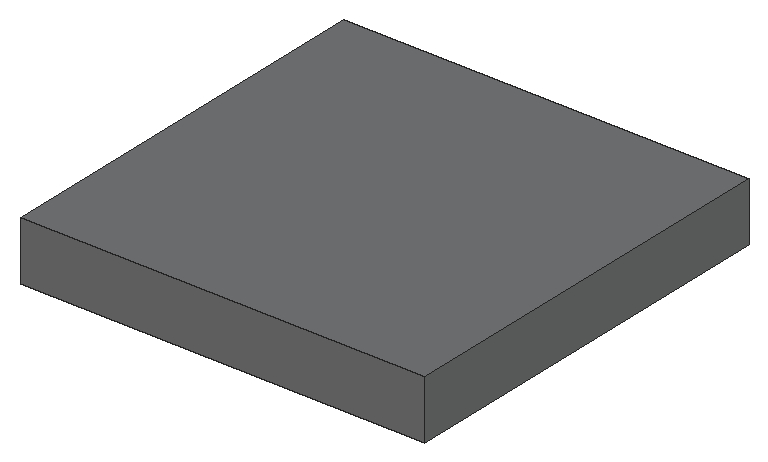
Revit family "Gira_029426", category Electrical Fixtures, host Face, Revit 2017
Family settings
  Host = Face
  Maintain Annotation Orientation = No
  Round Connector Dimension = Use Diameter
  Part Type = Normal
  Cut with Voids When Loaded = No
  Shared = No
  Room Calculation Point = No
Parameters (values of type "Rocker 2-g arrow sym. System 55 c.alum.")
  With exchangeable lens/symbol = "No"
  URL = "http://katalog.gira.de/en/datenblatt.html?artikelnr=029426"
  Suitable for touch sensor connector for bus system = "No"
  Scannable symbol / barrier free = "No"
  Name = "Rocker 2-g arrow sym. System 55 c.alum."
  Monitoring window/light outlet = "No"
  Model = "Two-part rocker"
  Manufacturer URL = "https://www.gira.de/"
  Manufacturer = "Gira"
  Keynote = ""
  HeinzeBIM = "https://bimportal.heinze.de/bim/rocker-2-g-arrow-sym-system-55-c-alum-/8e6146b40889c6825ba51ee2e2f30c12e2ae2c5c"
  HAN = "029426"
  GTIN = "4010337294269"
  Description = "Rock.2g arrow sym. Sys55 CAl,Rocker, 2-gang with arrow symbol,,colour aluminium,"
  Default Elevation = 1219.2 mm
  Data sheet (1) = "https://katalog.gira.de/en/download.html?artikelnr=029426"
  Category = "Control element/cover plate for domestic switching devices"
  BIM (1) = "https://media.stage.bim.site/public/gira/36a6b08/Sys55_Abdeckung_Schalten und Tasten.rfa?public/gira/36a6b08/Sys55_Abdeckung_Schalten und Tasten.rfa"
  Available = "No"
  Anthrazit [instance] = Anthrazit
Reference planes
  plane 1 "Center (Front/Back)": y = 0
  plane 2: z = 0
  plane 3 "Center (Left/Right)": x = 0
Forms (mm)
  Extrusion 1, solid, material "Anthrazit" <- "Anthrazit", detail levels fine
    sketch origin (0, 0, 0) x (1, 0, 0) y (0, 1, 0)
      loop
        line (-27.5, 27.5) -> (-27.5, -27.5) -> (27.5, -27.5) -> (27.5, 27.5) -> (-27.5, 27.5)
    from 0 to 8
  Extrusion 2, void
    sketch origin (0, 0, 0) x (1, 0, 0) y (0, 1, 0)
      loop
        line (26, 26) -> (-26, 26) -> (-26, -26) -> (26, -26) -> (26, 26)
    from 0 to 6
  Extrusion 3, solid, material "Anthrazit" <- "Anthrazit", detail levels medium
    sketch origin (0, 0, 0) x (1, 0, 0) y (0, 1, 0)
      loop
        line (-27.5, 27.5) -> (-27.5, -27.5) -> (27.5, -27.5) -> (27.5, 27.5) -> (-27.5, 27.5)
    from 0 to 8
  Extrusion 4, solid, material "Anthrazit" <- "Anthrazit", detail levels medium
    sketch origin (0, 0, 0) x (1, 0, 0) y (0, 1, 0)
      loop
        line (11, -17.5) -> (11, 17.5) -> (-11, 17.5) -> (-11, -17.5) -> (11, -17.5)
    from -6 to 6
  Extrusion 5, solid, material "Anthrazit" <- "Anthrazit", detail levels fine
    sketch origin (0, 0, 0) x (1, 0, 0) y (0, 1, 0)
      loop
        line (11, 17.5) -> (-11, 17.5) -> (-11, 16.5) -> (11, 16.5) -> (11, 17.5)
      loop
        line (-11, -16.5) -> (-11, -17.5) -> (11, -17.5) -> (11, -16.5) -> (-11, -16.5)
    from -4 to 6
  Extrusion 6, solid, material "Anthrazit" <- "Anthrazit", detail levels fine
    sketch origin (0, 0, 0) x (1, 0, 0) y (0, 1, 0)
      loop
        arc (5, 9.347) -> (0, 10.6) -> (-5, 9.347) r 10.6
        line (-5, 9.347) -> (-5, -9.347)
        arc (-5, -9.347) -> (0, -10.6) -> (5, -9.347) r 10.6
        line (5, -9.347) -> (5, 9.347)
    from -6 to 6
  Extrusion 7, solid, material "Anthrazit" <- "Anthrazit", detail levels coarse
    sketch origin (0, 0, 0) x (1, 0, 0) y (0, 1, 0)
      loop
        line (-27.5, 27.5) -> (-27.5, -27.5) -> (27.5, -27.5) -> (27.5, 27.5) -> (-27.5, 27.5)
    from -6 to 8
Cuts and joins
  Extrusion 2 cuts Extrusion 1
Dimensions and locks
  aligned and locked: plane 2 to host face
  aligned and locked: level to host face
